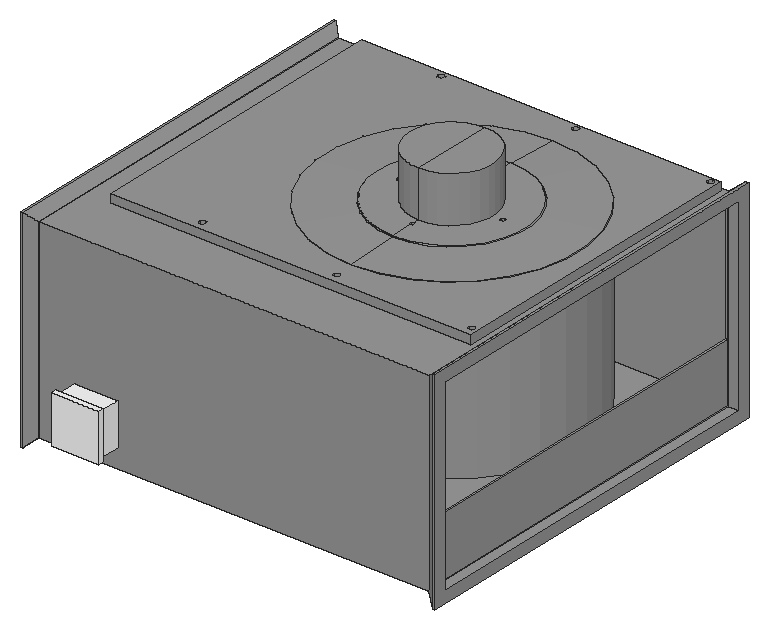
Revit family "RKB 700x400 B3 EC_7480058", category Mechanical Equipment, Revit 2014
Parameters (values of type "RKB 700X400 B3 EC")
  Wiring diagram = "4040147"
  Width = 787 mm
  Weight = 42.00 kg
  Voltage range = "380-480 V"
  Voltage = 400 V
  Speed = "2300 rpm"
  Sound pressure level at 3 m = "68 dB(A)"
  Power = 1500 W
  Phase = 1
  Max. temperature of transported air when speed controlled = 60 °C
  Max. temperature of transported air = 60 °C
  Main Material = Steel, Galvanized
  Height = 493 mm
  Frequency = 50 Hz
  Elevation [instance] = 2600 mm
  Description = "UNINSULATED DUCT FANS WITH RECTANGULAR CONNECTIONS"
  Depth = 743 mm
  Current = 2.3 A
  Connector Height = 400 mm
  Connector Width = 700 mm
  Capacitor = "- μF"
Reference planes
  plane 1 "Center (Front/Back)": y = 0
  plane 2: z = 0
  plane 3 "Center (Left/Right)": x = 0
  plane 4: x = -393.5
  plane 5: x = 393.5
  plane 6: y = 371.5
  plane 7: y = -371.5
  plane 8: z = 2600
  plane 9: z = 3093
Dimensions and locks
  equal spacing: plane 4, plane 3 "Center (Left/Right)", plane 5
  "Width": plane 4 to plane 5
  equal spacing: plane 6, plane 1 "Center (Front/Back)", plane 7
  "Depth": plane 6 to plane 7
  "Elevation": plane 8 to level
  "Height": plane 9 to plane 8
  aligned and locked: level to plane 2
  aligned and locked: nested 1 to plane 1 "Center (Front/Back)"
  aligned and locked: plane 1 "Center (Front/Back)" to nested 2
  aligned and locked: plane 3 "Center (Left/Right)" to nested 2
  aligned and locked: nested 2 to plane 8
  aligned and locked: plane 3 "Center (Left/Right)" to nested 1
Nested families
  nested 1: "Flow direction symbol" at (0, 0, 0), type "Flow direction symbol"
  nested 2: "RKB" at (0, 0, 2613.5), type "RKB"
Connectors
  electrical at (-262.218, -405.269, 2692.5), driven by "Phase", driven by "Voltage", driven by "Power"
    settings: on nested 2, index 3, voltage 400 V, apparent load 0 VA, apparent load phase1 1500 VA, apparent load phase2 0 VA, apparent load phase3 0 VA, power factor 1, load classification "HVAC", number of poles 1, system type 31, power factor state 1, is connector primary yes, connector utility no, sub classification motor no, connector description ""
  hvac at (-393.5, 0, 2800), driven by "Connector Height", driven by "Connector Width"
    settings: on nested 2, index 4, duct flow 0.0 L/s, flow factor 0, pres drop 0.0 Pa, loss coef 0, conn angle 0.00°, conn width 700 mm, conn height 400 mm, conn diameter 609.6 mm, duct sys type 1, conn prof type 1, flow config 0, flow direction 1, loss method 0, conn ref index -1, conn util no, is conn primary yes, conn desc ""
  hvac at (299.769, 0, 2786.5), driven by "Connector Height", driven by "Connector Width"
    settings: on nested 2, index 5, duct flow 0.0 L/s, flow factor 0, pres drop 0.0 Pa, loss coef 0, conn angle 0.00°, conn width 700 mm, conn height 400 mm, conn diameter 609.6 mm, duct sys type 3, conn prof type 1, flow config 0, flow direction 2, loss method 0, conn ref index -1, conn util no, is conn primary no, conn desc ""
Definition of nested family "RKB"
  Parameters (values of type "RKB")
    Width = 787 mm
    Main Material = Steel, Galvanized
    Height = 493 mm
    Description = ""
    Depth = 743 mm
    Connector Width = 700 mm
    Connector Heigth = 400 mm
  Reference planes
    plane 1 "Center (Front/Back)": y = 0
    plane 2: z = 0
    plane 3 "Center (Left/Right)": x = 0
    plane 4: x = -393.5
    plane 5: x = 393.5
    plane 6: y = 371.5
    plane 7: y = -371.5
    plane 8: z = 373
    plane 9: z = 119
    plane 10: x = -107.218
    plane 11: z = 186.5
    plane 12: z = 386.5
    plane 13: z = -13.5
    plane 14: y = 350
    plane 15: y = -350
    plane 16: z = 61.5
    plane 17: z = 493
    plane 18: x = 87.698
    plane 19: y = 50.08
  Forms (mm)
    Sweep 1, solid, material "Steel, Galvanized" <- "Main Material", detail levels medium+fine
      path origin (-393.5, 864.407, 1200) x (0, 1, 0) y (0, 0, 1)
        loop
          line (-492.907, -1213.5) -> (-492.907, -813.5) -> (-1235.907, -813.5) -> (-1235.907, -1213.5) -> (-492.907, -1213.5)
      profile origin (-393.5, 371.5, 186.5) x (0, -1, 0) y (1, 0, 0)
        loop
          line (22.203, 21.231) -> (16.231, 21.231) -> (0, 5) -> (0, 0) -> (22.203, 0) -> (22.203, 21.231)
    Sweep 2, solid, material "Steel, Galvanized" <- "Main Material", detail levels medium+fine
      path origin (393.5, 864.407, 1200) x (0, 1, 0) y (0, 0, 1)
        loop
          line (-492.907, -1213.5) -> (-492.907, -813.5) -> (-1235.907, -813.5) -> (-1235.907, -1213.5) -> (-492.907, -1213.5)
      profile origin (393.5, 371.5, 186.5) x (0, -1, 0) y (1, 0, 0)
        loop
          line (22.203, -24.231) -> (22.203, 0) -> (0, 0) -> (0, -5) -> (16.231, -24.231) -> (22.203, -24.231)
    Revolve 3, solid, material "Steel, Galvanized" <- "Main Material", detail levels medium+fine
      sketch origin (87.698, -19.893, 1332.69) x (0, -1, 0) y (0, 0, 1)
        loop
          line (-69.973, -1281.823) -> (-69.973, -853.19) -> (-148.493, -853.19) -> (-148.493, -941.219) -> (-209.802, -941.219) -> (-210.67, -942.722) -> (-309.973, -946.19) -> (-309.973, -1281.823) -> (-69.973, -1281.823)
        axis (-69.973, -853.19) -> (-69.973, -1281.823)
      angle from 0 to 360
    Sweep 4, void
      path origin (58.902, 8.368, 1200) x (-1, 0, 0) y (0, 0, 1)
        loop
          line (-10.677, -954.203) -> (-10.677, -624.203)
      profile origin (69.579, 8.368, 410.797) x (1, 0, 0) y (0, 1, 0)
        loop
          circle (19.596, 136.159) r 4
        loop
          circle (19.596, -52.735) r 4
        loop
          circle (116.56, 40.128) r 4
        loop
          circle (-80.322, 40.128) r 4
        loop
          circle (279.819, -236.853) r 6
        loop
          circle (23.48, -236.64) r 6
        loop
          circle (-231.52, -236.64) r 6
        loop
          circle (279.819, 329.416) r 6
        loop
          circle (23.48, 329.202) r 6
        loop
          circle (-231.52, 329.202) r 6
    Sweep 5, solid, material "Steel, Galvanized" <- "Main Material", detail levels coarse
      path origin (0, 0, 0) x (1, 0, 0) y (0, 1, 0)
        loop
          line (-393.5, 0) -> (393.5, 0)
      profile origin (0, 0, 0) x (0, 1, 0) y (0, 0, 1)
        loop
          line (371.5, 479.5) -> (-371.5, 479.5) -> (-371.5, -13.5) -> (371.5, -13.5) -> (371.5, 479.5)
    Sweep 6, solid, material "Steel, Galvanized" <- "Main Material", detail levels medium+fine
      path origin (0, 0, 0) x (0, 1, 0) y (0, 0, 1)
        loop
          line (349.297, 2.203) -> (349.297, 122.203)
      profile origin (0, 349.297, 62.203) x (0, -1, 0) y (1, 0, 0)
        loop
          line (0, -372.269) -> (698.595, -372.269) -> (698.595, -369.269) -> (0, -369.269) -> (0, -372.269)
        loop
          line (0, 372.269) -> (0, 369.269) -> (698.595, 369.269) -> (698.595, 372.269) -> (0, 372.269)
    Sweep 7, solid, material "Plastic", detail levels medium+fine
      path origin (-155, 0, 78.041) x (1, 0, 0) y (0, 1, 0)
        loop
          line (-107.218, -355.269) -> (-107.218, -395.269)
      profile origin (-262.218, -375.269, 78.041) x (1, 0, 0) y (0, 0, 1)
        loop
          line (-40, 40.959) -> (-40, -39.041) -> (40, -39.041) -> (40, 40.959) -> (-40, 40.959)
    Sweep 8, solid, material "Plastic", detail levels medium+fine
      path origin (-155, 0, -12.5) x (1, 0, 0) y (0, 1, 0)
        loop
          line (-107.218, -395.269) -> (-107.218, -405.269)
      profile origin (-262.218, -400.269, -12.5) x (1, 0, 0) y (0, 0, 1)
        loop
          line (-45, 136.5) -> (-45, 46.5) -> (45, 46.5) -> (45, 136.5) -> (-45, 136.5)
    Extrusion 9, solid, material "Steel, Galvanized" <- "Main Material"
      sketch origin (0, 0, 0) x (0, 1, 0) y (0, 0, 1)
        loop
          line (349.297, 386.5) -> (-245, 386.5) -> (-245, 370.269) -> (349.297, 370.269) -> (349.297, 386.5)
      from -323.049 to 360
    Extrusion 10, solid, material "Steel, Galvanized" <- "Main Material"
      sketch origin (0, 0, 0) x (0, 1, 0) y (0, 0, 1)
        loop
          line (355.269, 370.269) -> (-355.269, 370.269) -> (-355.269, 2.731) -> (355.269, 2.731) -> (355.269, 370.269)
        loop
          line (349.297, 364.297) -> (-349.297, 364.297) -> (-349.297, 8.703) -> (349.297, 8.703) -> (349.297, 364.297)
      from -372.269 to 372.443
  Cuts and joins
    joined: Sweep 1, Sweep 2
    Sweep 4 cuts Revolve 3
    Sweep 4 cuts Extrusion 9
  Dimensions and locks
    equal spacing: plane 4, plane 3 "Center (Left/Right)", plane 5
    "Width": plane 4 to plane 5
    equal spacing: plane 6, plane 1 "Center (Front/Back)", plane 7
    "Depth": plane 6 to plane 7
    Sweep 4 sketch curve to plane 8 to Sweep 4 sketch curve = 202.797 mm, 127.203 mm
    Sweep 6 sketch curve to plane 2 = 2.203 mm
    Sweep 6 sketch curve to Sweep 6 sketch curve = 120 mm
    locked: plane 6 to Sweep 6 sketch curve at 22.203  (x2)
    locked: plane 4 to Sweep 6 sketch curve at 21.231
    locked: Sweep 6 sketch curve to Sweep 6 sketch curve at 3  (x2)
    locked: Sweep 6 sketch curve to plane 7 at 22.203  (x2)
    locked: Sweep 6 sketch curve to plane 6 at 22.203
    locked: Sweep 6 sketch curve to plane 5 at 21.231
    Sweep 7 sketch curve to plane 7 to Sweep 7 sketch curve = 16.231 mm, 23.769 mm
    plane 7 to Sweep 8 sketch curve to Sweep 8 sketch curve = 23.769 mm, 10 mm locked
    equal spacing: plane 8, plane 11, plane 2
    "Connector Heigth": plane 12 to plane 13
    equal spacing: plane 12, plane 11, plane 13
    "Connector Width": plane 14 to plane 15
    equal spacing: plane 14, plane 1 "Center (Front/Back)", plane 15
    "Height": plane 17 to level
    aligned and locked: level to plane 2
    aligned and locked: Sweep 1 sketch curve to plane 6
    aligned and locked: plane 7 to Sweep 1 sketch curve
    aligned and locked: plane 7 to Sweep 2 sketch curve
    aligned and locked: Sweep 2 sketch curve to plane 6
    aligned and locked: plane 1 "Center (Front/Back)" to Sweep 5 sketch curve
    aligned and locked: plane 7 to Sweep 5 sketch curve
    aligned and locked: Sweep 5 sketch curve to plane 6
    aligned and locked: Sweep 5 to Revolve 3 sketch curve
    aligned and locked: Sweep 1 sketch curve to plane 12
    aligned and locked: plane 13 to Sweep 1 sketch curve
    aligned and locked: Sweep 2 sketch curve to plane 13
    aligned and locked: plane 12 to Sweep 2 sketch curve
    aligned and locked: Extrusion 10 to cut or joined group of Sweep 1, Sweep 2
    aligned and locked: Extrusion 9 to cut or joined group of Sweep 1, Sweep 2
    aligned and locked: Extrusion 10 to Sweep 6
  Automatic sketch dimensions
    Sweep 1 sketch curve to profile plane = 0 mm
    Sweep 1 sketch curve to plane 4 = 0 mm
    Sweep 1 sketch curve to profile plane = 16.231 mm
    Sweep 1 sketch curve to Sweep 1 sketch curve = 5.972 mm
    plane 4 to Sweep 1 sketch curve = 5 mm
    plane 4 to Sweep 1 sketch curve = 21.231 mm
    Sweep 2 sketch curve to profile plane = 0 mm
    Sweep 2 sketch curve to plane 5 = 0 mm
    Sweep 2 sketch curve to profile plane = 16.231 mm
    Sweep 2 sketch curve to Sweep 2 sketch curve = 5.972 mm
    Sweep 2 sketch curve to Sweep 2 sketch curve = 5 mm
    Sweep 2 sketch curve to Sweep 2 sketch curve = 24.231 mm
    Sweep 5 sketch curve to plane 4 = 0 mm
    Sweep 5 sketch curve to plane 5 = 0 mm
    profile plane to Sweep 8 sketch curve = 45 mm
    Sweep 8 sketch curve to profile plane = 45 mm
    level to Sweep 8 sketch curve = 34 mm
    Sweep 8 sketch curve to Sweep 8 sketch curve = 90 mm
    plane 12 to Extrusion 9 sketch curve = 0 mm
    plane 15 to Extrusion 9 sketch curve = 105 mm
    Extrusion 9 sketch curve to plane 14 = 0.703 mm
    Extrusion 9 sketch curve to plane 8 = 2.731 mm
    profile plane to Sweep 7 sketch curve = 40 mm
    Sweep 7 sketch curve to profile plane = 40 mm
    Sweep 7 sketch curve to profile plane = 39.041 mm
    profile plane to Sweep 7 sketch curve = 40.959 mm
    Sweep 5 sketch curve to level = 13.5 mm
    level to Sweep 5 sketch curve = 479.5 mm
    Extrusion 10 sketch curve to plane 15 = 5.269 mm
    plane 15 to Extrusion 10 sketch curve = 0.703 mm
    Extrusion 10 sketch curve to plane 14 = 0.703 mm
    plane 14 to Extrusion 10 sketch curve = 5.269 mm
    level to Extrusion 10 sketch curve = 2.731 mm
    Extrusion 10 sketch curve to Extrusion 10 sketch curve = 5.972 mm  (x2)
    Extrusion 10 sketch curve to plane 8 = 2.731 mm
    plane 4 to Sweep 7 sketch curve = 131.282 mm
    plane 4 to Sweep 8 sketch curve = 131.282 mm
    plane 18 to Sweep 4 sketch curve = 18.119 mm
    profile plane to Sweep 4 sketch curve = 231.52 mm  (x2)
    profile plane to Sweep 4 sketch curve = 40.128 mm  (x2)
    profile plane to Sweep 4 sketch curve = 80.322 mm
    Sweep 4 sketch curve to profile plane = 19.596 mm  (x2)
    Sweep 4 sketch curve to profile plane = 23.48 mm  (x2)
    Sweep 4 sketch curve to Sweep 4 sketch curve = 256.339 mm  (x2)
    Sweep 4 sketch curve to profile plane = 52.735 mm
    Sweep 4 sketch curve to Sweep 4 sketch curve = 183.905 mm
    Sweep 4 sketch curve to profile plane = 236.64 mm
    Sweep 4 sketch curve to profile plane = 236.853 mm
    Sweep 4 sketch curve to Sweep 4 sketch curve = 193.044 mm
    Sweep 4 sketch curve to Sweep 4 sketch curve = 0 mm
    Sweep 4 sketch curve to Sweep 4 sketch curve = 0.214 mm
    Sweep 4 sketch curve to profile plane = 116.56 mm
    profile plane to Sweep 4 sketch curve = 136.159 mm
    Revolve 3 sketch curve to plane 12 = 0 mm
    Revolve 3 sketch curve to plane 19 = 0 mm  (x2)
    Revolve 3 sketch curve to plane 17 = 0 mm
    plane 12 to Revolve 3 sketch curve = 4.971 mm
    plane 19 to Revolve 3 sketch curve = 78.52 mm
    plane 12 to Revolve 3 sketch curve = 3.468 mm
    Revolve 3 sketch curve to Revolve 3 sketch curve = 62.176 mm
    plane 16 to Revolve 3 sketch curve = 10.633 mm
    Revolve 3 sketch curve to plane 14 = 59.92 mm
    Revolve 3 sketch curve to Revolve 3 sketch curve = 0.868 mm
    plane 11 to Revolve 3 sketch curve = 3.892 mm
    radius of Sweep 4 sketch curve = 4 mm  (x4)
    radius of Sweep 4 sketch curve = 6 mm  (x6)
Definition of nested family "Flow direction symbol"
  Parameters (values of type "Flow direction symbol")
    Warning = "!"
    Text = "DIMENSIONS OVERCONSTRAINT"
  Reference planes
    plane 1: y = 0
    plane 2: x = 0
  Lines and regions (mm)
    detail lines
      curve 1: line (-0.506, 0.877, 0) -> (-0.506, -0.877, 0)
      curve 2: line (1.012, 0, 0) -> (-0.506, -0.877, 0)
      curve 3: line (-0.506, 0.877, 0) -> (1.012, 0, 0)
      curve 4: circle (0, 0, 0) r 1 normal (0, 0, 1)
